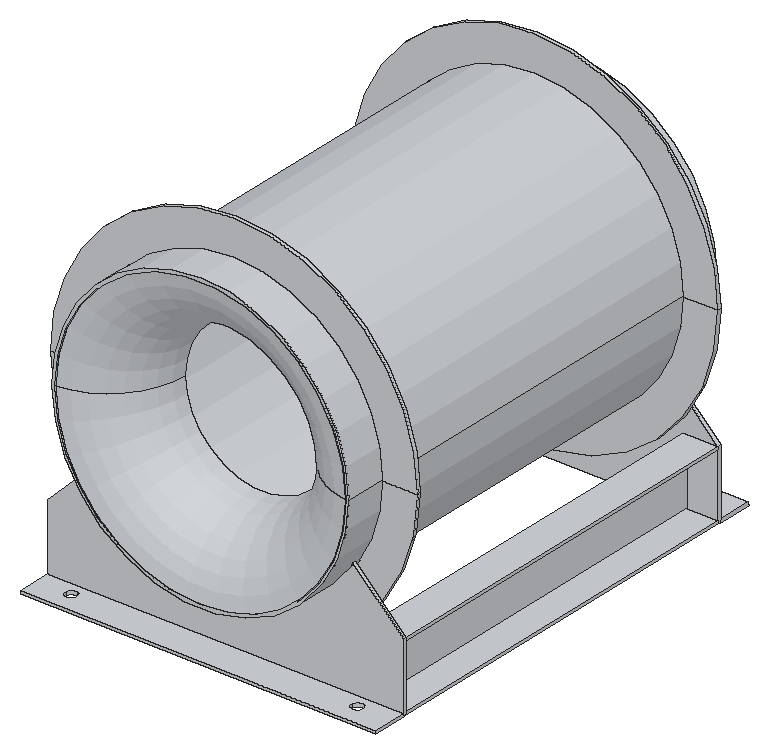
Revit family "QMXD_Horizontal", category Mechanical Equipment, Revit 2019
Family settings
  Round Connector Dimension = Use Radius
  Part Type = Normal
  Work Plane-Based = No
  Always vertical = Yes
  Cut with Voids When Loaded = No
  Shared = No
  Room Calculation Point = No
Parameters (values of type "90-QMXD_HOR")
  Unit Weight [instance] = ""
  Sones [instance] = ""
  Motor RPM [instance] = ""
  Motor Enclosure [instance] = ""
  ModelID [instance] = ""
  LwA [instance] = ""
  H/2 = H / 2  # 0' - 0 1/4"
  H = 0' - 0 1/2"
  G/2 = G / 2  # 0' - 9 3/16"
  Fan RPM [instance] = ""
  Brake Hp [instance] = ""
  Accessories [instance] = ""
  45 = 45.00°  # constant formula
  3 = 0' - 3"  # constant formula
  1.9375 = 0' - 1 15/16"  # constant formula
  -(G/2)-.75 = -((G / 2) - 0' 0 3/4")  # -0' - 8 7/16"
  (G/2)-.75 = (G / 2) - 0' 0 3/4"  # 0' - 8 7/16"
  G = 1' - 6 3/8"
  F/2 = F / 2  # 0' - 6 3/16"
  F = 1' - 0 3/8"
  E = 2' - 7 1/4"
  D = 0' - 8 1/2"
  C/2 = C / 2  # 0' - 7 15/16"
  C = 1' - 3 7/8"
  B/6 = B / 6  # 0' - 3 5/16"
  B/2 = B / 2  # 0' - 9 15/16"
  B = 1' - 7 7/8"
  A/2 = A / 2  # 0' - 6 13/32"
  A = 1' - 0 13/16"
  0 = 0' - 0"  # constant formula
  Voltage [instance] = 0 V
  URL = "www.lorencook.com"
  Type Comments = "Mixed Flow Inline Horizontal Mount Direct Drive"  # constant formula
  Static Pressure [instance] = 0.00 in-wg
  Power [instance] = Voltage * Motor FLA * sqrt(if(Phase = 3, 3, 1))  # 0 VA
  Phase [instance] = 0
  Number of Poles [instance] = 1
  Motor Hp [instance] = "0"
  Motor FLA [instance] = 0 A
  Model = "QMXD"  # constant formula
  Manufacturer = "Loren Cook Company"
  CFM [instance] = 0 CFM
  1.5 = 0' - 1 1/2"  # constant formula
  ONE EIGTH = 0' - 0 1/8"  # constant formula
  -(B/2) = -(B / 2)  # -0' - 9 15/16"
  (F+3)/2 = (F + 0' 3") / 2  # 0' - 7 11/16"
  (A/2)-.125 = (A / 2) - 0' 0 1/8"  # 0' - 6 9/32"
Types (19): name | H/2 | H | G/2 | -(G/2)-.75 | (G/2)-.75 | G | F/2 | F | E | D | C/2 | C | B/6 | B/2 | B | A/2 | A | -(B/2) | (F+3)/2 | (A/2)-.125
  (no name) | 0' - 0 1/4" | 0' - 0 1/2" | 0' - 9 3/16" | -0' - 8 7/16" | 0' - 8 7/16" | 1' - 6 3/8" | 0' - 6 3/16" | 1' - 0 3/8" | 2' - 7 1/4" | 0' - 8 1/2" | 0' - 7 15/16" | 1' - 3 7/8" | 0' - 3 5/16" | 0' - 9 15/16" | 1' - 7 7/8" | 0' - 6 13/32" | 1' - 0 13/16" | -0' - 9 15/16" | 0' - 7 11/16" | 0' - 6 9/32"
  90-QMXD_HOR | 0' - 0 1/4" | 0' - 0 1/2" | 0' - 9 3/16" | -0' - 8 7/16" | 0' - 8 7/16" | 1' - 6 3/8" | 0' - 6 3/16" | 1' - 0 3/8" | 2' - 7 1/4" | 0' - 8 1/2" | 0' - 7 15/16" | 1' - 3 7/8" | 0' - 3 5/16" | 0' - 9 15/16" | 1' - 7 7/8" | 0' - 6 13/32" | 1' - 0 13/16" | -0' - 9 15/16" | 0' - 7 11/16" | 0' - 6 9/32"
  120-QMXD_HOR | 0' - 0 1/4" | 0' - 0 1/2" | 0' - 11 1/4" | -0' - 10 1/2" | 0' - 10 1/2" | 1' - 10 1/2" | 0' - 7 3/4" | 1' - 3 1/2" | 3' - 0 11/16" | 0' - 10 1/2" | 0' - 10 1/32" | 1' - 8 1/16" | 0' - 4" | 1' - 0" | 2' - 0" | 0' - 8 17/32" | 1' - 5 1/16" | -1' - 0" | 0' - 9 1/4" | 0' - 8 13/32"
  135-QMXD_HOR | 0' - 0 1/4" | 0' - 0 1/2" | 1' - 0 3/4" | -1' - 0" | 1' - 0" | 2' - 1 1/2" | 0' - 8 3/4" | 1' - 5 1/2" | 3' - 3 1/2" | 1' - 0" | 0' - 11 1/8" | 1' - 10 1/4" | 0' - 4 1/2" | 1' - 1 1/2" | 2' - 3" | 0' - 9 5/8" | 1' - 7 1/4" | -1' - 1 1/2" | 0' - 10 1/4" | 0' - 9 1/2"
  150-QMXD_HOR | 0' - 0 1/4" | 0' - 0 1/2" | 1' - 2 5/16" | -1' - 1 9/16" | 1' - 1 9/16" | 2' - 4 5/8" | 0' - 9 3/8" | 1' - 6 3/4" | 3' - 6 1/16" | 1' - 1 3/16" | 1' - 0 3/16" | 2' - 0 3/8" | 0' - 5" | 1' - 3" | 2' - 6" | 0' - 10 11/16" | 1' - 9 3/8" | -1' - 3" | 0' - 10 7/8" | 0' - 10 9/16"
  165-QMXD_HOR | 0' - 0 1/4" | 0' - 0 1/2" | 1' - 3 13/16" | -1' - 3 1/16" | 1' - 3 1/16" | 2' - 7 5/8" | 0' - 10 13/32" | 1' - 8 13/16" | 3' - 7 3/4" | 1' - 2 5/16" | 1' - 1 1/4" | 2' - 2 1/2" | 0' - 5 1/2" | 1' - 4 1/2" | 2' - 9" | 0' - 11 3/4" | 1' - 11 1/2" | -1' - 4 1/2" | 0' - 11 29/32" | 0' - 11 5/8"
  180-QMXD_HOR | 0' - 0 9/32" | 0' - 0 9/16" | 1' - 4 13/16" | -1' - 4 1/16" | 1' - 4 1/16" | 2' - 9 5/8" | 0' - 11 13/32" | 1' - 10 13/16" | 3' - 10 1/4" | 1' - 3 1/2" | 1' - 2 5/16" | 2' - 4 5/8" | 0' - 5.83333" | 1' - 5 1/2" | 2' - 11" | 1' - 0 13/16" | 2' - 1 5/8" | -1' - 5 1/2" | 1' - 0 29/32" | 1' - 0 11/16"
  202-QMXD_HOR | 0' - 0 9/32" | 0' - 0 9/16" | 1' - 6 1/16" | -1' - 5 5/16" | 1' - 5 5/16" | 3' - 0 1/8" | 1' - 0 1/8" | 2' - 0 1/4" | 4' - 1 15/16" | 1' - 5 1/4" | 1' - 3 7/8" | 2' - 7 3/4" | 0' - 6 1/4" | 1' - 6 3/4" | 3' - 1 1/2" | 1' - 2 3/8" | 2' - 4 3/4" | -1' - 6 3/4" | 1' - 1 5/8" | 1' - 2 1/4"
  225-QMXD_HOR | 0' - 0 9/32" | 0' - 0 9/16" | 1' - 7 13/16" | -1' - 7 1/16" | 1' - 7 1/16" | 3' - 3 5/8" | 1' - 1 15/32" | 2' - 2 15/16" | 4' - 7 13/16" | 1' - 7" | 1' - 5 15/32" | 2' - 10 15/16" | 0' - 6.83333" | 1' - 8 1/2" | 3' - 5" | 1' - 3 31/32" | 2' - 7 15/16" | -1' - 8 1/2" | 1' - 2 31/32" | 1' - 3 27/32"
  245-QMXD_HOR | 0' - 0 11/32" | 0' - 0 11/16" | 1' - 9 9/16" | -1' - 8 13/16" | 1' - 8 13/16" | 3' - 7 1/8" | 1' - 2 15/32" | 2' - 4 15/16" | 4' - 11" | 1' - 8 1/2" | 1' - 6 7/8" | 3' - 1 3/4" | 0' - 7.41667" | 1' - 10 1/4" | 3' - 8 1/2" | 1' - 5 3/8" | 2' - 10 3/4" | -1' - 10 1/4" | 1' - 3 31/32" | 1' - 5 1/4"
  270-QMXD_HOR | 0' - 0 11/32" | 0' - 0 11/16" | 1' - 10 13/16" | -1' - 10 1/16" | 1' - 10 1/16" | 3' - 9 5/8" | 1' - 3 1/2" | 2' - 7" | 5' - 2 7/8" | 1' - 10 7/16" | 1' - 8 21/32" | 3' - 5 5/16" | 0' - 7.83333" | 1' - 11 1/2" | 3' - 11" | 1' - 7 5/32" | 3' - 2 5/16" | -1' - 11 1/2" | 1' - 5" | 1' - 7 1/32"
  300-QMXD_HOR | 0' - 0 11/32" | 0' - 0 11/16" | 2' - 2 5/16" | -2' - 1 9/16" | 2' - 1 9/16" | 4' - 4 5/8" | 1' - 4 7/8" | 2' - 9 3/4" | 5' - 8 1/16" | 2' - 0 3/4" | 1' - 10 3/4" | 3' - 9 1/2" | 0' - 9" | 2' - 3" | 4' - 6" | 1' - 9 1/4" | 3' - 6 1/2" | -2' - 3" | 1' - 6 3/8" | 1' - 9 1/8"
  330-QMXD_HOR | 0' - 0 11/32" | 0' - 0 11/16" | 2' - 4 9/16" | -2' - 3 13/16" | 2' - 3 13/16" | 4' - 9 1/8" | 1' - 6 3/8" | 3' - 0 3/4" | 6' - 2 13/16" | 2' - 3" | 2' - 0 7/8" | 4' - 1 3/4" | 0' - 9 3/4" | 2' - 5 1/4" | 4' - 10 1/2" | 1' - 11 3/8" | 3' - 10 3/4" | -2' - 5 1/4" | 1' - 7 7/8" | 1' - 11 1/4"
  365-QMXD_HOR | 0' - 0 13/32" | 0' - 0 13/16" | 2' - 7 11/16" | -2' - 6 15/16" | 2' - 6 15/16" | 5' - 3 3/8" | 1' - 8 1/4" | 3' - 4 1/2" | 6' - 8 1/4" | 2' - 5 13/16" | 2' - 3 3/8" | 4' - 6 3/4" | 0' - 10.66667" | 2' - 8" | 5' - 4" | 2' - 1 7/8" | 4' - 3 3/4" | -2' - 8" | 1' - 9 3/4" | 2' - 1 3/4"
  402-QMXD_HOR | 0' - 0 13/32" | 0' - 0 13/16" | 2' - 9 15/16" | -2' - 9 3/16" | 2' - 9 3/16" | 5' - 7 7/8" | 1' - 10" | 3' - 8" | 7' - 4 5/16" | 2' - 8 11/16" | 2' - 5 31/32" | 4' - 11 15/16" | 0' - 11.41667" | 2' - 10 1/4" | 5' - 8 1/2" | 2' - 4 15/32" | 4' - 8 15/16" | -2' - 10 1/4" | 1' - 11 1/2" | 2' - 4 11/32"
  445-QMXD_HOR | 0' - 0 13/32" | 0' - 0 13/16" | 3' - 0 11/16" | -2' - 11 15/16" | 2' - 11 15/16" | 6' - 1 3/8" | 2' - 0 1/8" | 4' - 0 1/4" | 7' - 10 7/8" | 3' - 0" | 2' - 9 1/32" | 5' - 6 1/16" | 1' - 0.33333" | 3' - 1" | 6' - 2" | 2' - 7 17/32" | 5' - 3 1/16" | -3' - 1" | 2' - 1 5/8" | 2' - 7 13/32"
  490-QMXD_HOR | 0' - 0 13/32" | 0' - 0 13/16" | 3' - 3 15/16" | -3' - 3 3/16" | 3' - 3 3/16" | 6' - 7 7/8" | 2' - 2 3/8" | 4' - 4 3/4" | 8' - 7 3/8" | 3' - 3 7/16" | 3' - 0 3/16" | 6' - 0 3/8" | 1' - 1.41667" | 3' - 4 1/4" | 6' - 8 1/2" | 2' - 10 11/16" | 5' - 9 3/8" | -3' - 4 1/4" | 2' - 3 7/8" | 2' - 10 9/16"
  540-QMXD_HOR | 0' - 0 13/32" | 0' - 0 13/16" | 3' - 7 3/16" | -3' - 6 7/16" | 3' - 6 7/16" | 7' - 2 3/8" | 2' - 5" | 4' - 10" | 9' - 2 15/16" | 3' - 7 5/16" | 3' - 3 23/32" | 6' - 7 7/16" | 1' - 2 1/2" | 3' - 7 1/2" | 7' - 3" | 3' - 2 7/32" | 6' - 4 7/16" | -3' - 7 1/2" | 2' - 6 1/2" | 3' - 2 3/32"
  600-QMXD_HOR | 0' - 0 13/32" | 0' - 0 13/16" | 3' - 11 7/16" | -3' - 10 11/16" | 3' - 10 11/16" | 7' - 10 7/8" | 2' - 8" | 5' - 4" | 10' - 2 1/16" | 4' - 2" | 3' - 7 15/16" | 7' - 3 7/8" | 1' - 3.91667" | 3' - 11 3/4" | 7' - 11 1/2" | 3' - 6 7/16" | 7' - 0 7/8" | -3' - 11 3/4" | 2' - 9 1/2" | 3' - 6 5/16"
Reference planes (in)
  plane 1 "Center (Front/Back)": y = 0
  plane 2: z = 0
  plane 3 "Center (Left/Right)": x = 0.40541
Forms (in)
  Extrusion 1, solid
    sketch origin (0, 0, 0) x (1, 0, 0) y (0, 0, 1)
      loop
        circle (0.40541, 0) r 6.40625
      loop
        circle (0.40541, 0) r 6.28125
    from -9.9375 <- "-(B/2)" to 9.9375 <- "B/2"
  Revolve 2, solid
    sketch origin (0, 0, 0) x (1, 0, 0) y (0, 1, 0)
      loop
        line (-5.87584, -9.9375) -> (0.40541, -9.9375) -> (0.40541, -6.625) -> (-5.87584, -6.625) -> (-5.87584, -9.9375)
      axis (0.40541, -9.9375) -> (0.40541, -6.625)
    angle from 0 to 360
  Revolve 3, void
    sketch origin (0, 0, 0) x (1, 0, 0) y (0, 1, 0)
      loop
        line (0.40541, -6.625) -> (-2.90709, -6.625)
        arc (-2.90709, -6.625) -> (-3.8773, -8.96729) -> (-6.21959, -9.9375) r 3.3125
        line (-6.21959, -9.9375) -> (0.40541, -9.9375) -> (0.40541, -6.625)
      axis (0.40541, -6.625) -> (0.40541, -9.9375)
    angle from 0 to 360
  Revolve 4, solid
    sketch origin (0, 0, 0) x (1, 0, 0) y (0, 1, 0)
      loop
        line (0.40541, 9.9375) -> (-2.90709, 9.9375) -> (-2.90709, 0) -> (0.40541, 0) -> (0.40541, 9.9375)
      axis (0.40541, 9.9375) -> (0.40541, 0)
    angle from 0 to 360
  Revolve 5, solid
    sketch origin (0, 0, 0) x (1, 0, 0) y (0, 1, 0)
      loop
        line (-7.53209, 8.25) -> (-7.53209, 8.125) -> (-6.00084, 8.125) -> (-6.00084, 8.25) -> (-7.53209, 8.25)
      loop
        line (-7.53209, -8) -> (-7.53209, -8.125) -> (-6.00084, -8.125) -> (-6.00084, -8) -> (-7.53209, -8)
      axis (0.40541, 8.25) -> (0.40541, -8.125)
    angle from 0 to 360
  Extrusion 6, solid
    sketch origin (0, 0, 0) x (1, 0, 0) y (0, 0, 1)
      loop
        line (-7.28209, -5.5) -> (-7.28209, -5.625) -> (-5.90709, -5.625) -> (-5.90709, -8.375) -> (-7.28209, -8.375) -> (-7.28209, -8.5) -> (-5.78209, -8.5) -> (-5.78209, -5.5) -> (-7.28209, -5.5)
    from -8.4375 <- "-(G/2)-.75" to 8.4375 <- "(G/2)-.75"
  Extrusion 7, solid
    sketch origin (0.81082, 0, 0) x (-1, 0, 0) y (0, 0, -1)
      loop
        line (-7.28209, 5.5) -> (-5.78209, 5.5) -> (-5.78209, 8.5) -> (-7.28209, 8.5) -> (-7.28209, 8.375) -> (-5.90709, 8.375) -> (-5.90709, 5.625) -> (-7.28209, 5.625) -> (-7.28209, 5.5)
    from -8.4375 <- "-(G/2)-.75" to 8.4375 <- "(G/2)-.75"
  Extrusion 8, solid
    sketch origin (0, -8.4375, 0) x (1, 0, 0) y (0, 0, 1)
      loop
        line (8.09291, -8.5) -> (8.09291, -5.5) -> (5.89504, -3.30213)
        arc (5.89504, -3.30213) -> (0.40541, -6.40625) -> (-5.08421, -3.30213) r 6.40625
        line (-5.08421, -3.30213) -> (-7.28209, -5.5) -> (-7.28209, -8.5) -> (8.09291, -8.5)
    from 0 to 0.125
  Extrusion 9, solid
    sketch origin (0, 8.4375, 0) x (-1, 0, 0) y (0, 0, 1)
      loop
        line (7.28209, -8.5) -> (7.28209, -5.5) -> (5.08421, -3.30213)
        arc (5.08421, -3.30213) -> (-0.40541, -6.40625) -> (-5.89504, -3.30213) r 6.40625
        line (-5.89504, -3.30213) -> (-8.09291, -5.5) -> (-8.09291, -8.5) -> (7.28209, -8.5)
    from 0 to 0.125
  Extrusion 10, solid
    sketch origin (6.59291, 0, -8.5) x (0, -1, 0) y (-1, 0, 0)
      loop
        line (8.5625, -1.5) -> (10.0625, -1.5) -> (10.0625, 13.875) -> (8.5625, 13.875) -> (8.5625, -1.5)
      loop
        line (-8.5625, -1.5) -> (-8.5625, 13.875) -> (-10.0625, 13.875) -> (-10.0625, -1.5) -> (-8.5625, -1.5)
    from 0 to -0.125
  Extrusion 11, void
    sketch origin (6.59291, 0, -8.375) x (1, 0, 0) y (0, -1, 0)
      loop
        circle (0, 9.1875) r 0.25
      loop
        circle (-12.375, 9.1875) r 0.25
      loop
        circle (-12.375, -9.1875) r 0.25
      loop
        circle (0, -9.1875) r 0.25
    from 0 to 0.125
Cuts and joins
  Revolve 3 cuts Revolve 2
  Extrusion 11 cuts Extrusion 6
  Extrusion 11 cuts Extrusion 7
  Extrusion 11 cuts Extrusion 8
  Extrusion 11 cuts Extrusion 9
  Extrusion 11 cuts Extrusion 10
Dimensions and locks (in)
  "0": Extrusion 1 sketch curve to level  (x2)
  "0": Revolve 2 sketch curve to plane 3 "Center (Left/Right)"  (x2)
  "0": Revolve 2 sketch curve to Extrusion 1
  "(A/2)-.125": Revolve 2 sketch curve to plane 3 "Center (Left/Right)"
  "B/6": Revolve 2 sketch curve to Extrusion 1
  "B/6": Revolve 3 sketch curve to plane 3 "Center (Left/Right)"
  "0": Revolve 3 sketch curve to Extrusion 1
  "0": Revolve 3 sketch curve to Revolve 2
  "0": Revolve 3 sketch curve to plane 3 "Center (Left/Right)"  (x2)
  "0": Revolve 4 sketch curve to plane 1 "Center (Front/Back)"
  "0": Revolve 4 sketch curve to plane 3 "Center (Left/Right)"  (x2)
  "B/6": Revolve 4 sketch curve to Revolve 4 sketch curve
  "ONE EIGTH": Revolve 5 sketch curve to Revolve 5 sketch curve  (x2)
  "A/2": Revolve 5 sketch curve to plane 3 "Center (Left/Right)"  (x2)
  "C/2": Revolve 5 sketch curve to plane 3 "Center (Left/Right)"  (x2)
  "0": Revolve 5 sketch curve to plane 3 "Center (Left/Right)"
  "(F+3)/2": plane 3 "Center (Left/Right)" to Extrusion 6 sketch curve
  "3": Extrusion 6 sketch curve to Extrusion 6 sketch curve
  "ONE EIGTH": Extrusion 6 sketch curve to Extrusion 6 sketch curve  (x3)
  "1.5": Extrusion 6 sketch curve to Extrusion 6 sketch curve
  "D": level to Extrusion 6 sketch curve
  "3": Extrusion 7 sketch curve to Extrusion 7 sketch curve
  "ONE EIGTH": Extrusion 7 sketch curve to Extrusion 7 sketch curve  (x3)
  "1.5": Extrusion 7 sketch curve to Extrusion 7 sketch curve
  "D": level to Extrusion 7 sketch curve
  "(F+3)/2": Extrusion 7 sketch curve to plane 3 "Center (Left/Right)"
  Extrusion 7 to Extrusion 8 = 0' - 0"
  "0": Extrusion 10 sketch curve to Extrusion 6  (x2)
  "1.5": Extrusion 8 to Extrusion 10 sketch curve
  "0": Extrusion 10 sketch curve to Extrusion 8
  "0": Extrusion 7 to Extrusion 10 sketch curve
  "0": Extrusion 10 sketch curve to Extrusion 9
  "1.5": Extrusion 10 sketch curve to Extrusion 9
  "0": Extrusion 10 sketch curve to Extrusion 7
  "G/2": plane 1 "Center (Front/Back)" to Extrusion 11 sketch curve  (x2)
  "F/2": plane 3 "Center (Left/Right)" to Extrusion 11 sketch curve  (x2)
  "F/2": Extrusion 11 sketch curve to plane 3 "Center (Left/Right)"  (x2)
  "G/2": Extrusion 11 sketch curve to plane 1 "Center (Front/Back)"  (x2)
  "1.9375": cut or joined group of Extrusion 10, Extrusion 11 to Revolve 5 sketch curve  (x2)
  "0": Extrusion 1 to Revolve 4 sketch curve
  "A/2": radius of Extrusion 1 sketch curve
  "(A/2)-.125": radius of Extrusion 1 sketch curve
  "B/6": radius of Revolve 3 sketch curve
  "H/2": radius of Extrusion 11 sketch curve  (x4)
  angle Extrusion 8 sketch curve to Extrusion 8 sketch curve = 45.00°
  angle Extrusion 8 sketch curve to plane 3 "Center (Left/Right)" = 45.00°
  aligned and locked: cut or joined group of Extrusion 10, Extrusion 11 to Extrusion 8 sketch curve
  aligned and locked: Extrusion 8 sketch curve to cut or joined group of Extrusion 10, Extrusion 11  (x2)
  aligned and locked: Extrusion 8 sketch curve to cut or joined group of Extrusion 6, Extrusion 11
  aligned and locked: Extrusion 9 sketch curve to cut or joined group of Extrusion 6, Extrusion 11  (x2)
  aligned and locked: Extrusion 9 sketch curve to cut or joined group of Extrusion 10, Extrusion 11
  aligned and locked: Extrusion 9 sketch curve to cut or joined group of Extrusion 8, Extrusion 11  (x2)
  aligned and locked: Extrusion 9 sketch curve to cut or joined group of Extrusion 7, Extrusion 11
  aligned and locked: Extrusion 9 sketch curve to Extrusion 1
  aligned and locked: Extrusion 8 sketch curve to Extrusion 1
  aligned and locked: cut or joined group of Extrusion 6, Extrusion 11 to Extrusion 8 sketch curve
Automatic sketch dimensions
  Extrusion 1 sketch curve to Extrusion 1 sketch curve = 0' - 0"
  Extrusion 1 sketch curve to plane 3 "Center (Left/Right)" = 0' - 0"
  Revolve 2 sketch curve to Revolve 2 sketch curve = 0' - 0"
  plane 1 "Center (Front/Back)" to Revolve 2 sketch curve = 0' - 3.17163"
  Revolve 3 sketch curve to Revolve 3 sketch curve = 0' - 0"  (x3)
  Revolve 3 sketch curve to Revolve 3 sketch curve = 0' - 3"
  Revolve 4 sketch curve to plane 1 "Center (Front/Back)" = 0' - 0"
  Revolve 4 sketch curve to Revolve 4 sketch curve = 0' - 4"
  Revolve 5 sketch curve to Revolve 5 sketch curve = 0' - 1 1/2"
  Revolve 5 sketch curve to Revolve 5 sketch curve = 0' - 4"
  Extrusion 6 sketch curve to Extrusion 6 sketch curve = 0' - 1 3/8"
  Extrusion 7 sketch curve to Extrusion 7 sketch curve = 0' - 0"
Connectors (in)
  hvac at (0.40541, -9.9375, 0), driven by "A/2"
    settings: on cut or joined group of Revolve 2, Revolve 3, index 1, duct flow 0 CFM, flow factor 0, pres drop 0.00 in-wg, loss coef 0, conn angle 0.00°, conn width 12", conn height 12", conn diameter 12 13/16", duct sys type 29, conn prof type 0, flow config 0, flow direction 1, loss method 0, conn ref index -1, conn util no, is conn primary yes, conn desc ""
  hvac at (0.40541, 9.9375, 0), driven by "A/2"
    settings: on Extrusion 1, index 2, duct flow 0 CFM, flow factor 0, pres drop 0.00 in-wg, loss coef 0, conn angle 0.00°, conn width 12", conn height 12", conn diameter 12 13/16", duct sys type 29, conn prof type 0, flow config 0, flow direction 2, loss method 0, conn ref index -1, conn util no, is conn primary no, conn desc ""
  electrical at (0.40541, -8.125, 0)
    settings: on Revolve 5, index 3, voltage 0 V, apparent load 0 VA, apparent load phase1 0 VA, apparent load phase2 0 VA, apparent load phase3 0 VA, power factor 1, load classification "Other", number of poles 1, system type 31, power factor state 1, is connector primary yes, connector utility no, sub classification motor no, connector description ""
